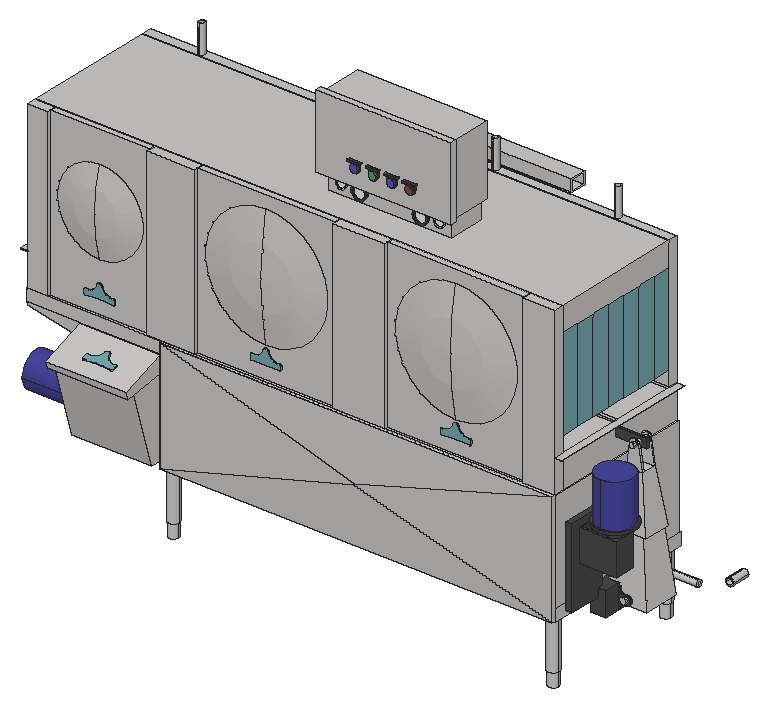
Revit family (continued)
Lines and regions (in)
  symbolic lines, visible <- "Swing Doors"
    curve 54: line (-1.26435, -72.99795, 55.5) -> (-1.26435, -74.12295, 55.5)
    curve 55: arc (-1.26435, -74.12295, 55.5) -> (-1.63935, -74.49795, 55.5) -> (-2.01435, -74.12295, 55.5) r 0.375
    curve 56: line (28.26522, -72.99795, 55.5) -> (28.26522, -74.12295, 55.5)
    curve 57: line (29.01522, -72.99795, 55.5) -> (29.01522, -74.12295, 55.5)
    curve 58: arc (29.01522, -74.12295, 55.5) -> (28.64022, -74.49795, 55.5) -> (28.26522, -74.12295, 55.5) r 0.375
    curve 59: line (39.64022, -72.99795, 55.5) -> (39.64022, -74.12295, 55.5)
    curve 60: line (40.39022, -72.99795, 55.5) -> (40.39022, -74.12295, 55.5)
    curve 61: arc (40.39022, -74.12295, 55.5) -> (40.01522, -74.49795, 55.5) -> (39.64022, -74.12295, 55.5) r 0.375
  symbolic lines, style "QF_Clearances", visible <- "Swing Doors", detail levels coarse
    curve 62: line (-16.45185, -73, 55.5) -> (-16.45185, -89.25, 55.5)
    curve 63: arc (-16.45185, -89.25, 55.5) -> (-4.96137, -84.49049, 55.5) -> (-0.20185, -73, 55.5) r 16.25
    curve 64: line (7.57772, -95.5, 55.5) -> (7.57772, -73, 55.5)
    curve 65: arc (7.57772, -95.5, 55.5) -> (23.48762, -88.9099, 55.5) -> (30.07772, -73, 55.5) r 22.5
    curve 66: line (61.07772, -95.5, 55.5) -> (61.07772, -73, 55.5)
    curve 67: arc (61.07772, -95.5, 55.5) -> (45.16782, -88.9099, 55.5) -> (38.57772, -73, 55.5) r 22.5
  symbolic lines, style "QF_Surface Details"
    curve 68: line (6.66717, -56.0094, 52.4375) -> (35.66717, -56.0094, 52.4375)
    curve 69: line (35.66717, -56.0094, 52.4375) -> (31.16717, -53.51501, 52.4375)
    curve 70: line (35.66717, -56.0094, 52.4375) -> (31.16717, -58.50379, 52.4375)
Dimensions and locks (in)
  "Depth": plane 6 "FRONT" to plane 3 "BACK"
  locked: plane 7 "Right of Top" to plane 5 "RIGHT" at 0.25
  locked: plane 7 "Right of Top" to plane 8 "Right of Ledge" at 1.5
  locked: plane 11 "Bottom of Machine" to level at 10
  "Table Height": plane 12 "Table Height" to level
  "Machine Height": plane 13 "Top of Machine" to level
  "Total Height": plane 4 "TOP" to level
  locked: plane 15 to plane 11 "Bottom of Machine" at 2
  locked: plane 12 "Table Height" to plane 14 "Panel Top" at 5.5
  locked: plane 6 "FRONT" to plane 16 at 0.5
  locked: plane 3 "BACK" to plane 17 at 0.5
  locked: plane 18 to plane 2 "Left of Main Body" at 0.25
  locked: plane 5 "RIGHT" to plane 19 at 0.25
  locked: plane 3 "BACK" to plane 20 at 1.625
  locked: plane 6 "FRONT" to plane 21 at 1.625
  equal spacing: plane 2 "Left of Main Body", plane 22 "Door Center", plane 5 "RIGHT"
  "24 Door Opening": plane 23 to plane 24
  locked: plane 13 "Top of Machine" to plane 25 "Top of Opening" at 4
  locked: plane 22 "Door Center" to Blend 10 sketch curve at 0.03125  (x2)
  locked: Extrusion 13 sketch curve to plane 21 at 1.125
  locked: plane 26 to level at 2.25
  plane 18 to Extrusion 14 sketch curve = 0' - 1 1/4"
  plane 17 to Extrusion 14 sketch curve = 0' - 1 1/2"
  locked: plane 17 to Extrusion 15 sketch curve at 1.5
  locked: plane 18 to Extrusion 15 sketch curve at 1.25
  locked: plane 17 to Extrusion 16 sketch curve at 1.5
  locked: Extrusion 16 sketch curve to plane 19 at 1.25
  locked: Extrusion 17 sketch curve to plane 19 at 1.25
  locked: plane 17 to Extrusion 17 sketch curve at 1.5
  locked: Extrusion 20 sketch curve to plane 19 at 1.25
  locked: Extrusion 20 sketch curve to plane 16 at 1.5
  locked: Extrusion 21 sketch curve to plane 19 at 1.25
  locked: Extrusion 21 sketch curve to plane 16 at 1.5
  locked: Extrusion 18 sketch curve to plane 16 at 1.5
  locked: plane 18 to Extrusion 18 sketch curve at 1.25
  locked: Extrusion 19 sketch curve to plane 16 at 1.5
  locked: plane 18 to Extrusion 19 sketch curve at 1.25
  locked: plane 27 to plane 22 "Door Center" at 10
  locked: plane 27 to plane 28 at 20
  locked: plane 29 to plane 22 "Door Center" at 11
  locked: plane 29 to plane 30 at 22
  plane 31 "Front of Lower Panel" to plane 6 "FRONT" = 0' - 6 1/2"
  locked: plane 32 to plane 31 "Front of Lower Panel" at 6
  locked: plane 33 to plane 6 "FRONT" at 6
  locked: plane 34 "Back of Panel" to plane 33 at 7
  locked: plane 33 to plane 35 "Front of Upper Panel" at 1
  locked: plane 29 to plane 36 at 0.5
  locked: plane 37 to plane 30 at 0.5
  locked: Extrusion 27 sketch curve to plane 27 at 5
  locked: Extrusion 27 sketch curve to plane 13 "Top of Machine" at 1.5
  locked: Extrusion 28 sketch curve to plane 27 at 2
  locked: Extrusion 28 sketch curve to plane 13 "Top of Machine" at 1.75
  locked: Extrusion 31 sketch curve to plane 28 at 5
  locked: Extrusion 31 sketch curve to plane 13 "Top of Machine" at 1.5
  locked: Extrusion 32 sketch curve to plane 28 at 2
  locked: Extrusion 32 sketch curve to plane 13 "Top of Machine" at 1.75
  locked: Extrusion 41 sketch curve to plane 14 "Panel Top" at 4.12493
  locked: plane 38 to plane 9 "Right End Cowl" at 0.125
  locked: plane 10 to plane 39 at 3.875
  locked: plane 40 to plane 41 at 24.875
  locked: plane 41 to plane 6 "FRONT" at 0.0625
  plane 42 "Top of Vents" to plane 13 "Top of Machine" = 0' - 4"
  locked: Extrusion 46 sketch curve to plane 5 "RIGHT" at 1.375
  locked: plane 5 "RIGHT" to Extrusion 47 sketch curve at 1.375
  locked: plane 5 "RIGHT" to Extrusion 47 sketch curve at 7.625
  locked: plane 5 "RIGHT" to Extrusion 47 sketch curve at 6
  locked: plane 5 "RIGHT" to Extrusion 48 sketch curve at 6
  locked: plane 5 "RIGHT" to Extrusion 51 sketch curve at 6
  locked: plane 5 "RIGHT" to Extrusion 52 sketch curve at 6
  locked: plane 5 "RIGHT" to Blend 50 sketch curve at 6
  locked: Extrusion 63 sketch curve to plane 3 "BACK" at 0.75
  locked: plane 43 to plane 22 "Door Center" at 14.5
  locked: plane 43 to plane 44 at 29
  locked: plane 46 to plane 13 "Top of Machine" at 2
  locked: plane 45 to plane 3 "BACK" at 3
  Extrusion 66 sketch curve to plane 13 "Top of Machine" = 1' - 1"
  locked: plane 30 to Extrusion 66 sketch curve at 1
  Extrusion 67 sketch curve to plane 3 "BACK" = 0' - 3"
  locked: plane 47 to plane 3 "BACK" at 5
  locked: plane 48 to plane 13 "Top of Machine" at 29
  "24 Door Opening": plane 49 to plane 50
  locked: Extrusion 63 sketch curve to plane 5 "RIGHT" at 9
  locked: Extrusion 77 sketch curve to plane 3 "BACK" at 0.75
  locked: plane 51 to plane 53 at 0.125
  locked: plane 54 to plane 52 at 3.875
  "Width": plane 55 "LEFT" to plane 5 "RIGHT"
  locked: plane 57 to plane 56 at 1.5
  "18 Door Opening": plane 60 to plane 59
  Extrusion 77 sketch curve to plane 5 "RIGHT" = 2' - 5"
  locked: plane 55 "LEFT" to Extrusion 100 sketch curve at 9
  Extrusion 67 sketch curve to plane 5 "RIGHT" = 1' - 4 1/2"
  Extrusion 95 sketch curve to plane 5 "RIGHT" = 6' - 4"
  locked: plane 3 "BACK" to plane 61 "Drain" at 3
  locked: plane 63 to plane 62 at 5
  locked: plane 5 "RIGHT" to plane 63 at 6
  locked: plane 64 to level at 8
  locked: plane 55 "LEFT" to plane 60 at 3.22043
  locked: plane 2 "Left of Main Body" to plane 23 at 5.25
  plane 50 to plane 5 "RIGHT" = 0' - 5 1/4"
  locked: plane 60 to plane 66 at 0.25
  locked: plane 68 to plane 59 at 0.125
  locked: plane 70 to plane 59 at 1.4375
  locked: plane 23 to plane 65 at 0.25
  locked: plane 67 to plane 24 at 0.125
  locked: plane 69 to plane 24 at 1.4375
  locked: plane 49 to plane 72 at 0.125
  locked: plane 49 to plane 73 at 1.4375
  locked: plane 71 to plane 50 at 0.25
  locked: plane 53 to plane 54 at 2.9375
  locked: plane 51 to plane 55 "LEFT" at 10
  locked: plane 39 to plane 38 at 2.9375
  locked: plane 5 "RIGHT" to plane 9 "Right End Cowl" at 10
  aligned and locked: level to plane 1
  aligned and locked: Extrusion 1 sketch curve to plane 17
  aligned and locked: Extrusion 1 sketch curve to plane 18
  aligned and locked: plane 19 to Extrusion 1 sketch curve
  aligned and locked: Extrusion 1 to plane 11 "Bottom of Machine"
  aligned and locked: plane 15 to Extrusion 1
  aligned and locked: plane 2 "Left of Main Body" to Extrusion 2 sketch curve
  aligned and locked: plane 6 "FRONT" to Extrusion 2 sketch curve
  aligned and locked: plane 3 "BACK" to Extrusion 2 sketch curve
  aligned and locked: plane 14 "Panel Top" to Extrusion 2
  aligned and locked: Extrusion 2 to plane 15
  aligned: plane 2 "Left of Main Body" to Extrusion 3 sketch curve
  aligned and locked: Extrusion 3 sketch curve to plane 6 "FRONT"
  aligned and locked: Extrusion 3 sketch curve to plane 3 "BACK"
  aligned and locked: plane 5 "RIGHT" to Extrusion 4 sketch curve
  aligned and locked: plane 6 "FRONT" to Extrusion 4 sketch curve
  aligned and locked: plane 8 "Right of Ledge" to Extrusion 4 sketch curve
  aligned and locked: plane 3 "BACK" to Extrusion 4 sketch curve
  aligned and locked: plane 3 "BACK" to Extrusion 5 sketch curve
  aligned and locked: Extrusion 5 sketch curve to plane 21
  aligned and locked: Extrusion 5 to plane 14 "Panel Top"
  aligned and locked: plane 3 "BACK" to Extrusion 6 sketch curve
  aligned and locked: plane 20 to Extrusion 6 sketch curve
  aligned and locked: Extrusion 7 sketch curve to plane 5 "RIGHT"
  aligned and locked: Extrusion 7 sketch curve to plane 21
  aligned and locked: Extrusion 7 sketch curve to plane 20
  aligned and locked: plane 3 "BACK" to Extrusion 8 sketch curve
  aligned and locked: plane 20 to Extrusion 8 sketch curve
  aligned and locked: Extrusion 8 sketch curve to plane 5 "RIGHT"
  aligned and locked: Extrusion 8 to plane 12 "Table Height"
  aligned and locked: Extrusion 7 to plane 25 "Top of Opening"
  aligned and locked: Extrusion 9 sketch curve to plane 23
  aligned and locked: plane 14 "Panel Top" to Extrusion 9 sketch curve
  aligned and locked: Extrusion 9 to plane 21
  aligned and locked: Extrusion 9 sketch curve to plane 13 "Top of Machine"
  aligned and locked: plane 2 "Left of Main Body" to Blend 10 sketch curve
  aligned and locked: plane 11 "Bottom of Machine" to Blend 10 sketch curve
  aligned and locked: Blend 10 sketch curve to plane 14 "Panel Top"
  aligned and locked: Blend 10 sketch curve to plane 5 "RIGHT"
  aligned and locked: plane 6 "FRONT" to Extrusion 1 sketch curve
  aligned and locked: plane 2 "Left of Main Body" to Extrusion 11 sketch curve
  aligned and locked: Extrusion 11 sketch curve to plane 6 "FRONT"
  aligned and locked: plane 16 to Extrusion 11 sketch curve
  aligned and locked: Extrusion 11 sketch curve to plane 5 "RIGHT"
  aligned and locked: Extrusion 11 to plane 11 "Bottom of Machine"
  aligned and locked: plane 14 "Panel Top" to Extrusion 11
  aligned and locked: Extrusion 12 sketch curve to plane 13 "Top of Machine"
  aligned and locked: Extrusion 12 sketch curve to plane 5 "RIGHT"
  aligned and locked: plane 14 "Panel Top" to Extrusion 12 sketch curve
  aligned and locked: Extrusion 12 to plane 21
  aligned and locked: Extrusion 13 sketch curve to plane 24
  aligned and locked: plane 21 to Extrusion 13 sketch curve
  aligned and locked: plane 23 to Extrusion 13 sketch curve
  aligned and locked: Extrusion 13 to plane 14 "Panel Top"
  aligned and locked: plane 26 to Extrusion 14
  aligned and locked: Extrusion 15 to plane 26
  aligned and locked: plane 11 "Bottom of Machine" to Extrusion 15
  aligned and locked: plane 21 to Extrusion 22 sketch curve
  aligned and locked: plane 5 "RIGHT" to Extrusion 22 sketch curve  (x7)
  aligned and locked: plane 20 to Extrusion 22 sketch curve
  aligned: plane 2 "Left of Main Body" to Extrusion 23 sketch curve  (x7)
  aligned and locked: Extrusion 23 sketch curve to plane 20
  aligned and locked: Extrusion 23 sketch curve to plane 21
  aligned and locked: Extrusion 24 sketch curve to plane 32
  aligned and locked: plane 31 "Front of Lower Panel" to Extrusion 24 sketch curve
  aligned and locked: plane 27 to Extrusion 24 sketch curve
  aligned and locked: plane 28 to Extrusion 24 sketch curve
  aligned and locked: Extrusion 25 sketch curve to plane 34 "Back of Panel"
  aligned and locked: plane 33 to Extrusion 25 sketch curve
  aligned and locked: plane 36 to Extrusion 25 sketch curve
  aligned and locked: Extrusion 25 sketch curve to plane 37
  aligned and locked: Extrusion 26 sketch curve to plane 33
  aligned and locked: plane 35 "Front of Upper Panel" to Extrusion 26 sketch curve
  aligned and locked: plane 29 to Extrusion 26 sketch curve
  aligned and locked: Extrusion 26 sketch curve to plane 30
  aligned and locked: Extrusion 29 sketch curve to Extrusion 28  (x2)
  aligned and locked: Extrusion 30 sketch curve to Extrusion 27  (x2)
  aligned and locked: Extrusion 33 sketch curve to Extrusion 32  (x2)
  aligned and locked: Extrusion 34 sketch curve to Extrusion 31  (x2)
  aligned and locked: Extrusion 42 sketch curve to plane 13 "Top of Machine"
  aligned and locked: Extrusion 42 sketch curve to plane 6 "FRONT"
  aligned and locked: plane 21 to Extrusion 42 sketch curve
  aligned and locked: plane 20 to Extrusion 42 sketch curve
  aligned and locked: plane 3 "BACK" to Extrusion 42 sketch curve
  aligned and locked: plane 6 "FRONT" to Extrusion 43 sketch curve
  aligned and locked: Extrusion 43 sketch curve to plane 13 "Top of Machine"
  aligned and locked: plane 3 "BACK" to Extrusion 43 sketch curve
  aligned and locked: plane 20 to Extrusion 43 sketch curve
  aligned and locked: plane 25 "Top of Opening" to Extrusion 43 sketch curve
  aligned and locked: plane 21 to Extrusion 43 sketch curve
  aligned and locked: Extrusion 43 to plane 38
  aligned and locked: plane 38 to Extrusion 42
  aligned and locked: Extrusion 44 sketch curve to plane 10
  aligned and locked: plane 39 to Extrusion 44 sketch curve
  aligned and locked: plane 40 to Extrusion 44 sketch curve
  aligned and locked: Extrusion 44 sketch curve to plane 41
  aligned and locked: Extrusion 45 sketch curve to Extrusion 44  (x4)
  aligned and locked: Extrusion 49 sketch curve to Extrusion 47
  aligned and locked: Blend 50 sketch curve to Extrusion 49  (x2)
  aligned and locked: Extrusion 59 sketch curve to Extrusion 57  (x2)
  aligned and locked: Extrusion 46 to plane 5 "RIGHT"
  aligned and locked: Extrusion 53 to plane 5 "RIGHT"
  aligned: nested 1 to cut or joined group of Extrusion 42, Extrusion 45
  aligned and locked: plane 10 to nested 1
  aligned and locked: plane 39 to nested 1
  aligned and locked: plane 41 to nested 1
  aligned and locked: nested 1 to plane 40
  aligned and locked: Extrusion 64 to plane 43
  aligned and locked: Extrusion 64 to plane 44
  aligned and locked: Extrusion 65 to plane 44
  aligned and locked: Extrusion 65 to plane 43
  aligned and locked: plane 3 "BACK" to curve 1
  aligned and locked: curve 4 to plane 5 "RIGHT"
  aligned and locked: plane 6 "FRONT" to curve 3
  aligned and locked: curve 6 to plane 9 "Right End Cowl"
  aligned and locked: plane 43 to curve 8
  aligned and locked: plane 44 to curve 10
  aligned and locked: curve 9 to plane 45
  aligned and locked: plane 8 "Right of Ledge" to curve 12
  aligned and locked: curve 13 to plane 34 "Back of Panel"
  aligned and locked: plane 33 to curve 15
  aligned and locked: plane 36 to curve 14
  aligned and locked: curve 16 to plane 37
  aligned and locked: plane 29 to curve 20
  aligned and locked: plane 35 "Front of Upper Panel" to curve 19
  aligned and locked: curve 18 to plane 30
  aligned and locked: plane 41 to curve 24
  aligned and locked: curve 25 to plane 39
  aligned and locked: plane 10 to curve 23
  aligned and locked: curve 22 to plane 40
  aligned and locked: Extrusion 68 sketch curve to plane 17  (x2)
  aligned and locked: plane 47 to Extrusion 68 sketch curve
  aligned and locked: plane 44 to Extrusion 68 sketch curve
  aligned and locked: Extrusion 68 sketch curve to plane 45
  aligned and locked: plane 43 to Extrusion 68 sketch curve
  aligned: plane 42 "Top of Vents" to Extrusion 68
  aligned: plane 4 "TOP" to Extrusion 68
  aligned and locked: plane 13 "Top of Machine" to Extrusion 69 sketch curve
  aligned and locked: Extrusion 69 sketch curve to plane 24
  aligned and locked: plane 23 to Extrusion 69 sketch curve
  aligned and locked: Extrusion 69 sketch curve to plane 48
  aligned and locked: Extrusion 69 to plane 21
  aligned and locked: Extrusion 68 sketch curve to plane 8 "Right of Ledge"
  aligned and locked: Extrusion 70 sketch curve to plane 47
  aligned and locked: Extrusion 70 sketch curve to plane 8 "Right of Ledge"
  aligned and locked: plane 17 to Extrusion 70 sketch curve
  aligned and locked: Extrusion 70 sketch curve to plane 9 "Right End Cowl"
  aligned and locked: plane 4 "TOP" to Extrusion 70
  aligned and locked: curve 28 to plane 9 "Right End Cowl"
  aligned and locked: curve 27 to plane 47
  aligned and locked: Extrusion 72 sketch curve to plane 50
  aligned and locked: plane 49 to Extrusion 72 sketch curve
  aligned and locked: Extrusion 74 sketch curve to plane 50
  aligned and locked: plane 49 to Extrusion 74 sketch curve
  aligned and locked: plane 50 to Extrusion 12 sketch curve
  aligned and locked: plane 24 to Extrusion 76 sketch curve
  aligned and locked: Extrusion 76 sketch curve to plane 49
  aligned and locked: Extrusion 76 sketch curve to plane 13 "Top of Machine"
  aligned and locked: plane 14 "Panel Top" to Extrusion 76 sketch curve
  aligned and locked: Extrusion 76 to plane 21
  aligned and locked: Extrusion 76 to plane 6 "FRONT"
  aligned and locked: Extrusion 78 sketch curve to Extrusion 67  (x2)
  aligned and locked: Extrusion 79 to plane 53
  aligned and locked: plane 53 to Extrusion 80
  aligned and locked: plane 54 to Extrusion 81 sketch curve
  aligned and locked: Extrusion 81 sketch curve to plane 52
  aligned and locked: curve 30 to plane 51
  aligned and locked: curve 35 to plane 52
  aligned and locked: plane 54 to curve 33
  aligned and locked: plane 51 to Extrusion 82 sketch curve
  aligned and locked: plane 51 to curve 36
  aligned and locked: Extrusion 96 sketch curve to Extrusion 95  (x2)
  aligned and locked: plane 59 to Extrusion 9 sketch curve
  aligned and locked: Extrusion 97 sketch curve to plane 60
  aligned and locked: plane 55 "LEFT" to Extrusion 97 sketch curve
  aligned and locked: plane 55 "LEFT" to Extrusion 5 sketch curve
  aligned and locked: Extrusion 5 sketch curve to plane 5 "RIGHT"
  aligned and locked: Extrusion 6 sketch curve to plane 5 "RIGHT"  (x2)
  aligned and locked: plane 55 "LEFT" to Extrusion 6 sketch curve  (x2)
  aligned and locked: Extrusion 98 sketch curve to plane 58
  aligned: plane 18 to Extrusion 98 sketch curve
  aligned and locked: plane 19 to Extrusion 2 sketch curve
  aligned and locked: plane 55 "LEFT" to Extrusion 8 sketch curve
  aligned and locked: plane 55 "LEFT" to Extrusion 7 sketch curve
  aligned and locked: plane 21 to Extrusion 112 sketch curve
  aligned and locked: plane 6 "FRONT" to Extrusion 112 sketch curve
  aligned and locked: plane 66 to Extrusion 112 sketch curve
  aligned and locked: Extrusion 112 sketch curve to plane 68
  aligned and locked: plane 21 to Extrusion 113 sketch curve
  aligned and locked: plane 6 "FRONT" to Extrusion 113 sketch curve
  aligned and locked: plane 65 to Extrusion 113 sketch curve
  aligned and locked: Extrusion 113 sketch curve to plane 67
  aligned and locked: plane 21 to Extrusion 114 sketch curve
  aligned and locked: plane 6 "FRONT" to Extrusion 114 sketch curve
  aligned and locked: Extrusion 114 sketch curve to plane 71
  aligned and locked: plane 72 to Extrusion 114 sketch curve
  aligned and locked: Extrusion 112 to plane 14 "Panel Top"
  aligned and locked: Extrusion 113 to plane 14 "Panel Top"
  aligned and locked: Extrusion 114 to plane 14 "Panel Top"
  aligned and locked: curve 62 to plane 60
  aligned and locked: plane 23 to curve 64
  aligned and locked: plane 50 to curve 66
  aligned and locked: cut or joined group of Extrusion 42, Extrusion 45 to plane 5 "RIGHT"
Automatic sketch dimensions
  Extrusion 35 sketch curve to Extrusion 35 sketch curve = 0' - 1"  (x3)
  Extrusion 35 sketch curve to Extrusion 35 sketch curve = 0' - 2"  (x4)
  Extrusion 35 sketch curve to Extrusion 35 sketch curve = 0' - 0 1/4"  (x5)
  Extrusion 35 sketch curve to Extrusion 35 sketch curve = 0' - 0"  (x2)
  Extrusion 40 sketch curve to Extrusion 40 sketch curve = 0' - 1 1/2"  (x3)
  Extrusion 40 sketch curve to Extrusion 40 sketch curve = 0' - 0 3/4"  (x4)
  Extrusion 40 sketch curve to Extrusion 40 sketch curve = 0' - 0"  (x3)
  Extrusion 40 sketch curve to Extrusion 40 sketch curve = 0' - 0 7/8"  (x4)
  Extrusion 89 sketch curve to Extrusion 89 sketch curve = 0' - 0.24812"
  Extrusion 89 sketch curve to Extrusion 89 sketch curve = 0' - 1.04649"
  Extrusion 90 sketch curve to Extrusion 90 sketch curve = 0' - 0.25142"
  Extrusion 90 sketch curve to Extrusion 90 sketch curve = 0' - 0.25483"  (x2)
  Extrusion 90 sketch curve to Extrusion 90 sketch curve = 0' - 0.30345"
  Extrusion 90 sketch curve to Extrusion 90 sketch curve = 0' - 1.63184"  (x2)
  Extrusion 90 sketch curve to Extrusion 90 sketch curve = 0' - 1.52338"
  Extrusion 90 sketch curve to Extrusion 90 sketch curve = 0' - 0.41934"
  Extrusion 90 sketch curve to Extrusion 90 sketch curve = 0' - 0.42496"
  Extrusion 90 sketch curve to Extrusion 90 sketch curve = 0' - 0"
  Extrusion 90 sketch curve to Extrusion 90 sketch curve = 0' - 1.22253"
  Extrusion 90 sketch curve to Extrusion 90 sketch curve = 0' - 1.51845"
  Extrusion 90 sketch curve to Extrusion 90 sketch curve = 0' - 0.00341"
  Extrusion 90 sketch curve to Extrusion 90 sketch curve = 0' - 0.08323"  (x2)
  Extrusion 90 sketch curve to Extrusion 90 sketch curve = 0' - 0.48493"  (x2)
  Extrusion 90 sketch curve to Extrusion 90 sketch curve = 0' - 1.96861"
  Extrusion 90 sketch curve to Extrusion 90 sketch curve = 0' - 11.90119"
  Extrusion 88 sketch curve to Extrusion 88 sketch curve = 0' - 3.69119"
  Extrusion 88 sketch curve to Extrusion 88 sketch curve = 0' - 5.50369"
  Extrusion 88 sketch curve to Extrusion 88 sketch curve = 1' - 0.07335"
  Extrusion 88 sketch curve to Extrusion 88 sketch curve = 0' - 0.73915"
  Extrusion 89 sketch curve to Extrusion 89 sketch curve = 0' - 6.75188"
  Extrusion 89 sketch curve to Extrusion 89 sketch curve = 0' - 0.90679"
  Extrusion 89 sketch curve to Extrusion 89 sketch curve = 0' - 2 11/16"
  Extrusion 90 sketch curve to Extrusion 90 sketch curve = 0' - 0.61126"
  Extrusion 104 sketch curve to Extrusion 104 sketch curve = 0' - 0.24812"
  Extrusion 104 sketch curve to Extrusion 104 sketch curve = 0' - 1.04649"
  Extrusion 105 sketch curve to Extrusion 105 sketch curve = 0' - 0.25142"
  Extrusion 105 sketch curve to Extrusion 105 sketch curve = 0' - 0.25483"  (x2)
  Extrusion 105 sketch curve to Extrusion 105 sketch curve = 0' - 0.30345"
  Extrusion 105 sketch curve to Extrusion 105 sketch curve = 0' - 1.63184"  (x2)
  Extrusion 105 sketch curve to Extrusion 105 sketch curve = 0' - 1.52338"
  Extrusion 105 sketch curve to Extrusion 105 sketch curve = 0' - 0.41934"
  Extrusion 105 sketch curve to Extrusion 105 sketch curve = 0' - 0.42496"
  Extrusion 105 sketch curve to Extrusion 105 sketch curve = 0' - 0"
  Extrusion 105 sketch curve to Extrusion 105 sketch curve = 0' - 1.22253"
  Extrusion 105 sketch curve to Extrusion 105 sketch curve = 0' - 1.51845"
  Extrusion 105 sketch curve to Extrusion 105 sketch curve = 0' - 0.00341"
  Extrusion 105 sketch curve to Extrusion 105 sketch curve = 0' - 0.08323"  (x2)
  Extrusion 105 sketch curve to Extrusion 105 sketch curve = 0' - 0.48493"  (x2)
  Extrusion 105 sketch curve to Extrusion 105 sketch curve = 0' - 1.96861"
  Extrusion 105 sketch curve to Extrusion 105 sketch curve = 0' - 11.90119"
  Extrusion 103 sketch curve to Extrusion 103 sketch curve = 0' - 3.69119"
  Extrusion 103 sketch curve to Extrusion 103 sketch curve = 0' - 5.50369"
  Extrusion 103 sketch curve to Extrusion 103 sketch curve = 1' - 0.07335"
  Extrusion 103 sketch curve to Extrusion 103 sketch curve = 0' - 0.73915"
  Extrusion 104 sketch curve to Extrusion 104 sketch curve = 0' - 6.75188"
  Extrusion 104 sketch curve to Extrusion 104 sketch curve = 0' - 0.90679"
  Extrusion 104 sketch curve to Extrusion 104 sketch curve = 0' - 2 11/16"
  Extrusion 105 sketch curve to Extrusion 105 sketch curve = 0' - 0.61126"
  Extrusion 106 sketch curve to Extrusion 106 sketch curve = 0' - 1"  (x3)
  Extrusion 106 sketch curve to Extrusion 106 sketch curve = 0' - 2"  (x4)
  Extrusion 106 sketch curve to Extrusion 106 sketch curve = 0' - 0 1/4"  (x5)
  Extrusion 106 sketch curve to Extrusion 106 sketch curve = 0' - 0"  (x2)
  Extrusion 111 sketch curve to Extrusion 111 sketch curve = 0' - 1 1/2"  (x3)
  Extrusion 111 sketch curve to Extrusion 111 sketch curve = 0' - 0 3/4"  (x4)
  Extrusion 111 sketch curve to Extrusion 111 sketch curve = 0' - 0"  (x3)
  Extrusion 111 sketch curve to Extrusion 111 sketch curve = 0' - 0 7/8"  (x4)
  curve 37 to plane 57 = 0' - 0"
  curve 41 to plane 60 = 0' - 0"
  curve 42 to plane 6 "FRONT" = 0' - 0"
  plane 21 to curve 39 = 0' - 0"
  curve 39 to plane 59 = 0' - 0"
  curve 44 to plane 6 "FRONT" = 0' - 0"
  curve 44 to plane 18 = 0' - 0"
  plane 21 to curve 47 = 0' - 0"
  curve 47 to plane 23 = 0' - 0"
  curve 48 to plane 24 = 0' - 0"
  plane 21 to curve 50 = 0' - 0"
  curve 50 to plane 49 = 0' - 0"
  curve 51 to plane 50 = 0' - 0"
  curve 26 to plane 8 "Right of Ledge" = 0' - 0"
  curve 49 to plane 6 "FRONT" = 0' - 0"
  curve 51 to plane 6 "FRONT" = 0' - 0"
  curve 46 to plane 6 "FRONT" = 0' - 0"
  curve 48 to plane 6 "FRONT" = 0' - 0"
  curve 38 to plane 6 "FRONT" = 0' - 0"
  curve 40 to plane 6 "FRONT" = 0' - 0"
  curve 36 to plane 17 = 0' - 0"
  curve 28 to plane 17 = 0' - 0"
  plane 66 to curve 43 = 0' - 5.09207"
  curve 44 to plane 16 = 0' - 6 1/2"
  plane 41 to curve 45 = 0' - 0 7/16"
  plane 41 to curve 52 = 0' - 0 7/16"
  plane 41 to curve 41 = 0' - 0 7/16"
  Extrusion 3 sketch curve to plane 55 "LEFT" = 0' - 0"
  Extrusion 3 sketch curve to plane 57 = 0' - 0"
  plane 32 to Extrusion 6 sketch curve = 0' - 0 1/4"
  Extrusion 6 sketch curve to plane 32 = 0' - 0 1/4"
  plane 15 to Blend 10 sketch curve = 0' - 7 7/32"
  Blend 10 sketch curve to Blend 10 sketch curve = 0' - 0 1/16"
  Extrusion 22 sketch curve to plane 35 "Front of Upper Panel" = 0' - 0 3/8"
  Extrusion 22 sketch curve to Extrusion 22 sketch curve = 0' - 0 1/8"  (x6)
  plane 31 "Front of Lower Panel" to Extrusion 22 sketch curve = 0' - 1 1/4"
  Extrusion 22 sketch curve to plane 32 = 0' - 1 5/8"
  Extrusion 22 sketch curve to plane 5 "RIGHT" = 0' - 0 1/8"  (x7)
  plane 34 "Back of Panel" to Extrusion 22 sketch curve = 0' - 1"
  Extrusion 22 sketch curve to Extrusion 22 sketch curve = 0' - 3"
  Extrusion 22 sketch curve to plane 61 "Drain" = 0' - 1 3/4"
  Extrusion 23 sketch curve to plane 55 "LEFT" = 0' - 0"  (x7)
  plane 35 "Front of Upper Panel" to Extrusion 23 sketch curve = 0' - 0 3/8"
  Extrusion 23 sketch curve to Extrusion 23 sketch curve = 0' - 0 1/8"  (x6)
  Extrusion 23 sketch curve to plane 31 "Front of Lower Panel" = 0' - 1 1/4"
  plane 32 to Extrusion 23 sketch curve = 0' - 1 5/8"
  Extrusion 23 sketch curve to plane 55 "LEFT" = 0' - 0 1/8"  (x7)
  Extrusion 23 sketch curve to plane 34 "Back of Panel" = 0' - 1"
  Extrusion 23 sketch curve to Extrusion 23 sketch curve = 0' - 3"
  plane 61 "Drain" to Extrusion 23 sketch curve = 0' - 1 3/4"
  Extrusion 27 sketch curve to Extrusion 27 sketch curve = 0' - 0"  (x2)
  Extrusion 28 sketch curve to Extrusion 28 sketch curve = 0' - 0"  (x2)
  Extrusion 31 sketch curve to Extrusion 31 sketch curve = 0' - 0"  (x2)
  Extrusion 32 sketch curve to Extrusion 32 sketch curve = 0' - 0"  (x2)
  plane 43 to Extrusion 41 sketch curve = 0' - 1.49793"
  Extrusion 41 sketch curve to Extrusion 41 sketch curve = 0' - 0.25142"  (x2)
  Extrusion 41 sketch curve to Extrusion 41 sketch curve = 0' - 0.25483"
  plane 43 to Extrusion 41 sketch curve = 0' - 0.94306"
  Extrusion 41 sketch curve to plane 43 = 0' - 0.38874"
  Extrusion 41 sketch curve to plane 43 = 0' - 0.58031"
  Extrusion 41 sketch curve to Extrusion 41 sketch curve = 0' - 0.41934"
  Extrusion 41 sketch curve to plane 43 = 0' - 1"
  Extrusion 41 sketch curve to Extrusion 41 sketch curve = 0' - 0.42496"
  Extrusion 41 sketch curve to Extrusion 41 sketch curve = 0' - 0"
  Extrusion 41 sketch curve to Extrusion 41 sketch curve = 0' - 1.22253"
  Extrusion 41 sketch curve to Extrusion 41 sketch curve = 0' - 1.51845"
  Extrusion 41 sketch curve to Extrusion 41 sketch curve = 0' - 1.63184"
  Extrusion 41 sketch curve to Extrusion 41 sketch curve = 0' - 0.00341"
  Extrusion 41 sketch curve to plane 12 "Table Height" = 0' - 2.43574"  (x2)
  Extrusion 41 sketch curve to Extrusion 41 sketch curve = 0' - 0.48493"  (x2)
  Extrusion 41 sketch curve to Extrusion 41 sketch curve = 0' - 0.08323"
  plane 15 to Extrusion 41 sketch curve = 0' - 6.6719"
  Extrusion 42 sketch curve to plane 40 = 0' - 0 1/16"
  plane 41 to Extrusion 42 sketch curve = 0' - 0 1/16"
  Extrusion 42 sketch curve to plane 13 "Top of Machine" = 0' - 0 1/8"
  Extrusion 42 sketch curve to plane 25 "Top of Opening" = 0' - 0.88572"
  Extrusion 42 sketch curve to Extrusion 42 sketch curve = 0' - 0.05178"  (x2)
  Extrusion 42 sketch curve to Extrusion 42 sketch curve = 0' - 1 1/2"  (x2)
  Extrusion 42 sketch curve to Extrusion 42 sketch curve = 0' - 0.17678"  (x2)
  plane 12 "Table Height" to Extrusion 42 sketch curve = 0' - 5.17678"
  Extrusion 43 sketch curve to plane 25 "Top of Opening" = 0' - 0 15/16"
  Extrusion 43 sketch curve to Extrusion 43 sketch curve = 0' - 1 5/8"  (x2)
  plane 12 "Table Height" to Extrusion 43 sketch curve = 0' - 5 1/8"
  Extrusion 44 sketch curve to plane 41 = 0' - 0 1/8"
  plane 40 to Extrusion 44 sketch curve = 0' - 0 1/8"
  Extrusion 44 sketch curve to plane 10 = 0' - 0 1/8"
  plane 39 to Extrusion 44 sketch curve = 0' - 0 1/8"
  plane 19 to Extrusion 46 sketch curve = 0' - 0"
  Extrusion 46 sketch curve to plane 5 "RIGHT" = 0' - 0"
  Extrusion 46 sketch curve to plane 15 = 0' - 0"
  plane 11 "Bottom of Machine" to Extrusion 46 sketch curve = 0' - 0 15/16"
  Extrusion 46 sketch curve to plane 14 "Panel Top" = 0' - 4 9/16"
  Extrusion 47 sketch curve to plane 63 = 0' - 0"
  Extrusion 47 sketch curve to plane 21 = 0' - 1 5/8"
  Extrusion 47 sketch curve to plane 35 "Front of Upper Panel" = 0' - 1 1/2"
  Extrusion 47 sketch curve to plane 35 "Front of Upper Panel" = 0' - 0 3/16"
  Extrusion 47 sketch curve to plane 31 "Front of Lower Panel" = 0' - 0 1/8"
  Extrusion 47 sketch curve to Extrusion 47 sketch curve = 0' - 0 1/4"
  Extrusion 48 sketch curve to plane 35 "Front of Upper Panel" = 0' - 0 3/16"
  Blend 50 sketch curve to plane 35 "Front of Upper Panel" = 0' - 0 3/16"
  Extrusion 51 sketch curve to plane 35 "Front of Upper Panel" = 0' - 0 3/16"
  Extrusion 52 sketch curve to plane 35 "Front of Upper Panel" = 0' - 0 3/16"
  Extrusion 53 sketch curve to plane 5 "RIGHT" = 0' - 0"
  plane 10 to Extrusion 53 sketch curve = 0' - 1 3/16"
  plane 63 to Extrusion 53 sketch curve = 0' - 0 3/4"
  Extrusion 53 sketch curve to plane 12 "Table Height" = 0' - 2 5/16"
  Extrusion 53 sketch curve to Extrusion 53 sketch curve = 0' - 0 3/4"
  Extrusion 53 sketch curve to plane 12 "Table Height" = 0' - 0 13/16"
  Extrusion 54 sketch curve to plane 15 = 0' - 0"
  plane 19 to Extrusion 54 sketch curve = 0' - 0"
  Extrusion 54 sketch curve to plane 5 "RIGHT" = 0' - 0"
  Extrusion 54 sketch curve to plane 10 = 0' - 0 5/16"
  plane 64 to Extrusion 54 sketch curve = 0' - 0 7/16"
  Extrusion 54 sketch curve to Extrusion 54 sketch curve = 0' - 0 7/16"
  Extrusion 55 sketch curve to Extrusion 55 sketch curve = 0' - 0"  (x2)
  plane 11 "Bottom of Machine" to Extrusion 55 sketch curve = 0' - 0 7/16"
  plane 10 to Extrusion 55 sketch curve = 0' - 1 3/16"
  plane 10 to Extrusion 55 sketch curve = 0' - 0 9/16"  (x2)
  Extrusion 55 sketch curve to plane 11 "Bottom of Machine" = 0' - 0 5/16"
  plane 10 to Extrusion 55 sketch curve = 0' - 0 3/16"  (x2)
  Extrusion 55 sketch curve to plane 10 = 0' - 0 1/16"  (x2)
  Extrusion 55 sketch curve to Extrusion 55 sketch curve = 0' - 0 1/4"
  Extrusion 55 sketch curve to Extrusion 55 sketch curve = 0' - 0 5/16"
  Extrusion 55 sketch curve to plane 15 = 0' - 0 1/8"
  Extrusion 56 sketch curve to Extrusion 56 sketch curve = 0' - 0"  (x2)
  plane 11 "Bottom of Machine" to Extrusion 56 sketch curve = 0' - 0 7/16"
  plane 10 to Extrusion 56 sketch curve = 0' - 1 3/16"
  plane 10 to Extrusion 56 sketch curve = 0' - 0 9/16"  (x2)
  Extrusion 56 sketch curve to plane 11 "Bottom of Machine" = 0' - 0 5/16"
  plane 10 to Extrusion 56 sketch curve = 0' - 0 3/16"  (x2)
  Extrusion 56 sketch curve to plane 10 = 0' - 0 1/16"  (x2)
  Extrusion 56 sketch curve to Extrusion 56 sketch curve = 0' - 0 1/4"
  Extrusion 56 sketch curve to Extrusion 56 sketch curve = 0' - 0 5/16"
  Extrusion 56 sketch curve to plane 15 = 0' - 0 1/8"
  Extrusion 57 sketch curve to Extrusion 57 sketch curve = 0' - 0"  (x6)
  plane 14 "Panel Top" to Extrusion 57 sketch curve = 0' - 0 3/16"
  plane 63 to Extrusion 57 sketch curve = 0' - 0 9/16"
  plane 63 to Extrusion 57 sketch curve = 0' - 1.26188"
  Extrusion 57 sketch curve to Extrusion 57 sketch curve = 0' - 0.36312"  (x2)
  Extrusion 57 sketch curve to Extrusion 57 sketch curve = 0' - 0 3/8"
  Extrusion 57 sketch curve to plane 10 = 0' - 0 1/4"
  Extrusion 57 sketch curve to plane 12 "Table Height" = 0' - 1 9/16"
  Extrusion 57 sketch curve to Extrusion 57 sketch curve = 0' - 0.13295"
  Extrusion 58 sketch curve to Extrusion 58 sketch curve = 0' - 0"  (x6)
  plane 14 "Panel Top" to Extrusion 58 sketch curve = 0' - 0 3/16"
  plane 63 to Extrusion 58 sketch curve = 0' - 0 9/16"
  plane 63 to Extrusion 58 sketch curve = 0' - 1.26188"
  Extrusion 58 sketch curve to Extrusion 58 sketch curve = 0' - 0.36312"  (x2)
  Extrusion 58 sketch curve to Extrusion 58 sketch curve = 0' - 0 3/8"
  Extrusion 58 sketch curve to plane 10 = 0' - 0 1/4"
  Extrusion 58 sketch curve to plane 12 "Table Height" = 0' - 1 9/16"
  Extrusion 58 sketch curve to Extrusion 58 sketch curve = 0' - 0.13295"
  Blend 60 sketch curve to plane 8 "Right of Ledge" = 0' - 0 5/16"
  Blend 60 sketch curve to plane 32 = 0' - 2 1/4"
  plane 34 "Back of Panel" to Blend 60 sketch curve = 0' - 1 3/4"
  Blend 60 sketch curve to plane 39 = 0' - 0 1/4"
  Blend 60 sketch curve to plane 10 = 0' - 0 1/4"
  Blend 60 sketch curve to plane 32 = 0' - 1 1/4"
  plane 34 "Back of Panel" to Blend 60 sketch curve = 0' - 0 3/4"
  plane 63 to Blend 60 sketch curve = 0' - 0 9/16"
  plane 39 to Blend 61 sketch curve = 0' - 0 1/2"
  plane 31 "Front of Lower Panel" to Blend 61 sketch curve = 0' - 3"
  plane 34 "Back of Panel" to Blend 61 sketch curve = 0' - 2 1/2"
  plane 8 "Right of Ledge" to Blend 61 sketch curve = 0' - 0 7/16"
  Blend 61 sketch curve to plane 8 "Right of Ledge" = 0' - 0 9/16"
  Blend 61 sketch curve to plane 32 = 0' - 2"
  plane 34 "Back of Panel" to Blend 61 sketch curve = 0' - 1 1/2"
  Blend 61 sketch curve to plane 63 = 0' - 0 3/16"
  Extrusion 62 sketch curve to Extrusion 62 sketch curve = 0' - 0"  (x2)
  plane 11 "Bottom of Machine" to Extrusion 62 sketch curve = 0' - 0 7/16"
  plane 63 to Extrusion 62 sketch curve = 0' - 1 1/2"
  Extrusion 62 sketch curve to Extrusion 62 sketch curve = 0' - 0 1/2"
  Extrusion 63 sketch curve to Extrusion 63 sketch curve = 0' - 0"  (x2)
  Extrusion 64 sketch curve to plane 46 = 0' - 0"
  Extrusion 64 sketch curve to plane 13 "Top of Machine" = 0' - 0"
  Extrusion 64 sketch curve to plane 45 = 0' - 0"
  Extrusion 64 sketch curve to plane 45 = 0' - 0 1/8"
  Extrusion 64 sketch curve to plane 17 = 0' - 0 1/8"
  Extrusion 64 sketch curve to Extrusion 64 sketch curve = 0' - 0 1/8"
  plane 13 "Top of Machine" to Extrusion 64 sketch curve = 0' - 0 1/8"
  Extrusion 64 sketch curve to plane 46 = 0' - 0 1/8"
  Extrusion 65 sketch curve to plane 3 "BACK" = 0' - 0"
  Extrusion 65 sketch curve to plane 13 "Top of Machine" = 0' - 0"
  Extrusion 65 sketch curve to plane 3 "BACK" = 0' - 0 1/4"
  Extrusion 65 sketch curve to Extrusion 65 sketch curve = 0' - 0 1/8"
  Extrusion 67 sketch curve to Extrusion 67 sketch curve = 0' - 0"  (x2)
  Extrusion 68 sketch curve to plane 57 = 0' - 0"
  Revolve 71 sketch curve to plane 16 = 0' - 0"
  Revolve 71 sketch curve to plane 16 = 0' - 10 3/4"
  plane 41 to Revolve 71 sketch curve = 0' - 0 7/16"
  plane 31 "Front of Lower Panel" to Revolve 71 sketch curve = 0' - 2 3/4"
  Revolve 71 sketch curve to plane 25 "Top of Opening" = 0' - 7.74993"
  plane 47 to Revolve 71 sketch curve = 1' - 5.49935"
  Revolve 71 sketch curve to plane 25 "Top of Opening" = 0' - 8"  (x2)
  plane 21 to Extrusion 72 sketch curve = 0' - 0"
  plane 41 to Extrusion 72 sketch curve = 0' - 0 7/16"
  Extrusion 73 sketch curve to plane 44 = 0' - 3.49793"
  Extrusion 73 sketch curve to Extrusion 73 sketch curve = 0' - 0.25142"  (x2)
  Extrusion 73 sketch curve to Extrusion 73 sketch curve = 0' - 0.25483"
  Extrusion 73 sketch curve to Extrusion 73 sketch curve = 0' - 0.30345"
  Extrusion 73 sketch curve to plane 44 = 0' - 1.61126"
  Extrusion 73 sketch curve to plane 44 = 0' - 1.41969"
  Extrusion 73 sketch curve to Extrusion 73 sketch curve = 0' - 0.41934"
  Extrusion 73 sketch curve to plane 44 = 0' - 1"
  Extrusion 73 sketch curve to Extrusion 73 sketch curve = 0' - 0.42496"
  Extrusion 73 sketch curve to Extrusion 73 sketch curve = 0' - 0"
  Extrusion 73 sketch curve to plane 44 = 0' - 0.38874"
  plane 44 to Extrusion 73 sketch curve = 0' - 0.94306"
  plane 44 to Extrusion 73 sketch curve = 0' - 1.2431"
  Extrusion 73 sketch curve to Extrusion 73 sketch curve = 0' - 0.00341"
  plane 15 to Extrusion 73 sketch curve = 0' - 6.6719"
  plane 14 "Panel Top" to Extrusion 73 sketch curve = 0' - 2.07309"  (x2)
  Extrusion 73 sketch curve to Extrusion 73 sketch curve = 0' - 0.08323"
  Extrusion 73 sketch curve to Extrusion 73 sketch curve = 0' - 0.48493"  (x2)
  Extrusion 73 sketch curve to plane 12 "Table Height" = 0' - 1.37507"
  Extrusion 74 sketch curve to plane 13 "Top of Machine" = 0' - 0"
  Extrusion 74 sketch curve to plane 48 = 0' - 0"
  Revolve 75 sketch curve to plane 16 = 0' - 0"
  Revolve 75 sketch curve to plane 16 = 0' - 10 3/4"
  plane 41 to Revolve 75 sketch curve = 0' - 0 7/16"
  plane 31 "Front of Lower Panel" to Revolve 75 sketch curve = 0' - 2 3/4"
  Revolve 75 sketch curve to plane 25 "Top of Opening" = 0' - 7.74993"
  plane 47 to Revolve 75 sketch curve = 1' - 5.49935"
  Revolve 75 sketch curve to plane 25 "Top of Opening" = 0' - 8"  (x2)
  Extrusion 77 sketch curve to Extrusion 77 sketch curve = 0' - 0"  (x2)
  Extrusion 79 sketch curve to plane 6 "FRONT" = 0' - 0"
  Extrusion 79 sketch curve to plane 21 = 0' - 0"
  Extrusion 79 sketch curve to plane 20 = 0' - 0"
  Extrusion 79 sketch curve to plane 3 "BACK" = 0' - 0"
  Extrusion 79 sketch curve to plane 13 "Top of Machine" = 0' - 0"
  plane 41 to Extrusion 79 sketch curve = 0' - 0 1/16"
  Extrusion 79 sketch curve to plane 40 = 0' - 0 1/16"
  Extrusion 79 sketch curve to plane 13 "Top of Machine" = 0' - 0 1/8"
  Extrusion 79 sketch curve to plane 25 "Top of Opening" = 0' - 0.88572"
  Extrusion 79 sketch curve to Extrusion 79 sketch curve = 0' - 0.05178"  (x2)
  Extrusion 79 sketch curve to Extrusion 79 sketch curve = 0' - 1 1/2"  (x2)
  Extrusion 79 sketch curve to Extrusion 79 sketch curve = 0' - 0.17678"  (x2)
  plane 12 "Table Height" to Extrusion 79 sketch curve = 0' - 5.17678"
  Extrusion 80 sketch curve to plane 6 "FRONT" = 0' - 0"
  Extrusion 80 sketch curve to plane 21 = 0' - 0"
  Extrusion 80 sketch curve to plane 20 = 0' - 0"
  Extrusion 80 sketch curve to plane 3 "BACK" = 0' - 0"
  Extrusion 80 sketch curve to plane 25 "Top of Opening" = 0' - 0"
  Extrusion 80 sketch curve to plane 13 "Top of Machine" = 0' - 0"
  Extrusion 80 sketch curve to plane 25 "Top of Opening" = 0' - 0 15/16"
  Extrusion 80 sketch curve to Extrusion 80 sketch curve = 0' - 1 5/8"  (x2)
  plane 12 "Table Height" to Extrusion 80 sketch curve = 0' - 5 1/8"
  Extrusion 81 sketch curve to plane 41 = 0' - 0"
  Extrusion 81 sketch curve to plane 40 = 0' - 0"
  plane 41 to Extrusion 81 sketch curve = 0' - 0 1/8"
  Extrusion 81 sketch curve to plane 40 = 0' - 0 1/8"
  Extrusion 81 sketch curve to plane 52 = 0' - 0 1/8"
  plane 54 to Extrusion 81 sketch curve = 0' - 0 1/8"
  Extrusion 82 sketch curve to plane 17 = 0' - 0"
  Extrusion 82 sketch curve to plane 57 = 0' - 0"
  Extrusion 82 sketch curve to plane 47 = 0' - 0"
  Extrusion 83 sketch curve to plane 60 = 0' - 0"
  Extrusion 83 sketch curve to plane 59 = 0' - 0"
  plane 21 to Extrusion 83 sketch curve = 0' - 0"
  plane 41 to Extrusion 83 sketch curve = 0' - 0 7/16"
  Revolve 84 sketch curve to plane 16 = 0' - 0"
  Revolve 84 sketch curve to plane 16 = 0' - 10 3/4"
  plane 41 to Revolve 84 sketch curve = 0' - 0 7/16"
  plane 31 "Front of Lower Panel" to Revolve 84 sketch curve = 0' - 2 3/4"
  Revolve 84 sketch curve to plane 17 = 0' - 0.00039"
  Revolve 84 sketch curve to plane 25 "Top of Opening" = 0' - 8.1428"
  Revolve 84 sketch curve to plane 25 "Top of Opening" = 0' - 8"  (x2)
  Extrusion 85 sketch curve to plane 70 = 0' - 4.18957"
  Extrusion 85 sketch curve to Extrusion 85 sketch curve = 0' - 0.25142"  (x2)
  Extrusion 85 sketch curve to Extrusion 85 sketch curve = 0' - 0.25483"
  Extrusion 85 sketch curve to Extrusion 85 sketch curve = 0' - 0.30345"
  plane 14 "Panel Top" to Extrusion 85 sketch curve = 0' - 2.15632"
  Extrusion 85 sketch curve to Extrusion 85 sketch curve = 0' - 1.63184"  (x2)
  Extrusion 85 sketch curve to Extrusion 85 sketch curve = 0' - 1.52338"
  Extrusion 85 sketch curve to Extrusion 85 sketch curve = 0' - 0.41934"
  Extrusion 85 sketch curve to plane 70 = 0' - 6 11/16"
  Extrusion 85 sketch curve to Extrusion 85 sketch curve = 0' - 0.42496"
  Extrusion 85 sketch curve to Extrusion 85 sketch curve = 0' - 0"
  Extrusion 85 sketch curve to Extrusion 85 sketch curve = 0' - 1.22253"
  Extrusion 85 sketch curve to Extrusion 85 sketch curve = 0' - 1.51845"
  Extrusion 85 sketch curve to Extrusion 85 sketch curve = 0' - 0.00341"
  Extrusion 85 sketch curve to Extrusion 85 sketch curve = 0' - 0.08323"  (x2)
  plane 15 to Extrusion 85 sketch curve = 0' - 6.6719"
  Extrusion 85 sketch curve to Extrusion 85 sketch curve = 0' - 0.48493"  (x2)
  Extrusion 85 sketch curve to plane 12 "Table Height" = 0' - 1.37507"
  Extrusion 86 sketch curve to plane 48 = 0' - 0"
  Extrusion 86 sketch curve to plane 59 = 0' - 0"
  Extrusion 86 sketch curve to plane 13 "Top of Machine" = 0' - 0"
  Extrusion 86 sketch curve to plane 60 = 0' - 0"
  plane 18 to Extrusion 87 sketch curve = 0' - 0"
  plane 11 "Bottom of Machine" to Extrusion 87 sketch curve = 0' - 0 15/16"
  plane 66 to Extrusion 87 sketch curve = 0' - 5.09207"
  Extrusion 87 sketch curve to plane 14 "Panel Top" = 0' - 2"
  Extrusion 91 sketch curve to plane 35 "Front of Upper Panel" = 0' - 0"
  plane 15 to Extrusion 91 sketch curve = 0' - 1 5/8"
  Extrusion 92 sketch curve to plane 35 "Front of Upper Panel" = 0' - 0"
  plane 15 to Extrusion 92 sketch curve = 0' - 1 5/8"
  Extrusion 93 sketch curve to plane 55 "LEFT" = 0' - 0"
  plane 66 to Extrusion 93 sketch curve = 0' - 5.09207"
  Extrusion 93 sketch curve to plane 14 "Panel Top" = 0' - 4 1/4"
  Extrusion 93 sketch curve to plane 14 "Panel Top" = 0' - 2 3/8"
  Extrusion 93 sketch curve to plane 14 "Panel Top" = 0' - 2"
  plane 64 to Sweep 94 sketch curve = 0' - 0 1/2"
  Sweep 94 sketch curve to plane 44 = 0' - 1.09543"
  plane 66 to Sweep 94 sketch curve = 0' - 6 5/8"
  Sweep 94 sketch curve to Sweep 94 sketch curve = 0' - 0"  (x2)
  profile plane to Sweep 94 sketch curve = 0' - 0"
  Sweep 94 sketch curve to profile plane = 0' - 0"
  Extrusion 95 sketch curve to Extrusion 95 sketch curve = 0' - 0"  (x2)
  Extrusion 95 sketch curve to plane 61 "Drain" = 0' - 0"
  Extrusion 97 sketch curve to plane 14 "Panel Top" = 0' - 0"
  Extrusion 97 sketch curve to plane 13 "Top of Machine" = 0' - 0"
  Extrusion 98 sketch curve to plane 6 "FRONT" = 0' - 0"
  plane 3 "BACK" to Extrusion 98 sketch curve = 0' - 0"
  Extrusion 98 sketch curve to plane 2 "Left of Main Body" = 0' - 0"
  plane 41 to Extrusion 99 sketch curve = 0' - 0 1/8"
  Extrusion 99 sketch curve to plane 40 = 0' - 0 1/8"
  Extrusion 99 sketch curve to plane 52 = 0' - 0 1/8"
  plane 54 to Extrusion 99 sketch curve = 0' - 0 1/8"
  Extrusion 100 sketch curve to Extrusion 100 sketch curve = 0' - 0"  (x2)
  Extrusion 100 sketch curve to plane 40 = 0' - 0 11/16"
  Extrusion 101 sketch curve to Extrusion 101 sketch curve = 0' - 0"  (x2)
  Extrusion 101 sketch curve to plane 11 "Bottom of Machine" = 0' - 0"
  plane 62 to Extrusion 101 sketch curve = 0' - 0"
  plane 63 to Sweep 102 sketch curve = 0' - 0"
  Sweep 102 sketch curve to plane 5 "RIGHT" = 0' - 0"
  Sweep 102 sketch curve to plane 11 "Bottom of Machine" = 0' - 0"
  Sweep 102 sketch curve to plane 64 = 0' - 0"
  plane 7 "Right of Top" to Sweep 102 sketch curve = 0' - 0 3/4"
  Sweep 102 sketch curve to Sweep 102 sketch curve = 0' - 0"  (x2)
  Sweep 102 sketch curve to plane 61 "Drain" = 0' - 0"
  profile plane to Sweep 102 sketch curve = 0' - 0"
  plane 23 to Extrusion 115 sketch curve = 0' - 0.00091"
  Extrusion 115 sketch curve to plane 6 "FRONT" = 0' - 0.24795"
  plane 23 to Extrusion 116 sketch curve = 0' - 0.00091"
  Extrusion 116 sketch curve to plane 6 "FRONT" = 0' - 0.24795"
  Sweep 117 sketch curve to plane 16 = 0' - 0.62295"
  Sweep 117 sketch curve to plane 16 = 0' - 0.12295"  (x2)
  plane 6 "FRONT" to Sweep 117 sketch curve = 0' - 0.00205"  (x2)
  plane 12 "Table Height" to Sweep 117 sketch curve = 0' - 3 13/16"
  Sweep 117 sketch curve to plane 25 "Top of Opening" = 0' - 4 15/16"
  Sweep 117 sketch curve to plane 69 = 0' - 0"
  Sweep 117 sketch curve to profile plane = 0' - 0"
  Sweep 118 sketch curve to plane 16 = 0' - 0.62295"
  Sweep 118 sketch curve to plane 16 = 0' - 0.12295"  (x2)
  plane 6 "FRONT" to Sweep 118 sketch curve = 0' - 0.00205"  (x2)
  plane 12 "Table Height" to Sweep 118 sketch curve = 0' - 3 13/16"
  Sweep 118 sketch curve to plane 25 "Top of Opening" = 0' - 4 15/16"
  Sweep 118 sketch curve to plane 73 = 0' - 0"
  Sweep 118 sketch curve to profile plane = 0' - 0"
  plane 50 to Extrusion 119 sketch curve = 0' - 0.00091"
  Extrusion 119 sketch curve to plane 6 "FRONT" = 0' - 0.24795"
  plane 50 to Extrusion 120 sketch curve = 0' - 0.00091"
  Extrusion 120 sketch curve to plane 6 "FRONT" = 0' - 0.24795"
  plane 60 to Extrusion 121 sketch curve = 0' - 0.00091"
  Extrusion 121 sketch curve to plane 6 "FRONT" = 0' - 0.24795"
  plane 60 to Extrusion 122 sketch curve = 0' - 0.00091"
  Extrusion 122 sketch curve to plane 6 "FRONT" = 0' - 0.24795"
  Sweep 123 sketch curve to plane 16 = 0' - 0.62295"
  Sweep 123 sketch curve to plane 16 = 0' - 0.12295"  (x2)
  plane 6 "FRONT" to Sweep 123 sketch curve = 0' - 0.00205"  (x2)
  plane 12 "Table Height" to Sweep 123 sketch curve = 0' - 3 13/16"
  Sweep 123 sketch curve to plane 25 "Top of Opening" = 0' - 4 15/16"
  Sweep 123 sketch curve to plane 70 = 0' - 0"
  Sweep 123 sketch curve to profile plane = 0' - 0"
  curve 55 to plane 70 = 0' - 0"
  curve 58 to plane 69 = 0' - 0"
  curve 61 to plane 73 = 0' - 0"
  curve 62 to plane 6 "FRONT" = 0' - 0"
  curve 65 to plane 6 "FRONT" = 0' - 0"
  curve 63 to plane 6 "FRONT" = 0' - 0"
  curve 66 to plane 6 "FRONT" = 0' - 0"
  curve 67 to plane 6 "FRONT" = 0' - 0"
  curve 64 to plane 6 "FRONT" = 0' - 0"
  curve 67 to plane 49 = 0' - 0"
  curve 65 to plane 24 = 0' - 0"
  curve 63 to plane 59 = 0' - 0"
  curve 55 to plane 16 = 0' - 0.62295"
  curve 57 to plane 16 = 0' - 0.62295"
  curve 59 to plane 16 = 0' - 0.62295"
  plane 6 "FRONT" to curve 59 = 0' - 0.00205"
  plane 6 "FRONT" to curve 57 = 0' - 0.00205"
  plane 6 "FRONT" to curve 56 = 0' - 0.00205"
  plane 6 "FRONT" to curve 54 = 0' - 0.00205"
  plane 6 "FRONT" to curve 53 = 0' - 0.00205"
  plane 6 "FRONT" to curve 60 = 0' - 0.00205"
  plane 73 to curve 60 = 0' - 0 3/8"
  plane 69 to curve 57 = 0' - 0 3/8"
  plane 70 to curve 54 = 0' - 0 3/8"
  curve 30 to plane 6 "FRONT" = 0' - 0"
  curve 12 to plane 6 "FRONT" = 0' - 0"
  curve 34 to plane 41 = 0' - 0"
  curve 32 to plane 40 = 0' - 0"
  plane 3 "BACK" to curve 11 = 0' - 0"
  plane 3 "BACK" to curve 6 = 0' - 0"
  curve 29 to plane 55 "LEFT" = 0' - 0"
  curve 2 to plane 55 "LEFT" = 0' - 0"
  curve 3 to plane 57 = 0' - 0"
  plane 34 "Back of Panel" to curve 70 = 0' - 1.49621"
  plane 34 "Back of Panel" to curve 69 = 0' - 3.9906"
  curve 69 to plane 61 "Drain" = 0' - 2.51501"
  plane 62 to curve 68 = 3' - 5.66055"
  curve 68 to curve 69 = 0' - 4 1/2"
  curve 70 to curve 69 = 0' - 0"
  plane 7 "Right of Top" to curve 68 = 4' - 11.41055"
  radius of Extrusion 36 sketch curve = 0' - 0 5/8"
  radius of Extrusion 37 sketch curve = 0' - 0 5/8"
  radius of Extrusion 38 sketch curve = 0' - 0 5/8"
  radius of Extrusion 39 sketch curve = 0' - 0 5/8"
  radius of Extrusion 107 sketch curve = 0' - 0 5/8"
  radius of Extrusion 108 sketch curve = 0' - 0 5/8"
  radius of Extrusion 109 sketch curve = 0' - 0 5/8"
  radius of Extrusion 110 sketch curve = 0' - 0 5/8"
  radius of Extrusion 14 sketch curve = 0' - 0 13/16"
  radius of Extrusion 15 sketch curve = 0' - 0 15/16"
  radius of Extrusion 16 sketch curve = 0' - 0 13/16"
  radius of Extrusion 17 sketch curve = 0' - 0 15/16"
  radius of Extrusion 18 sketch curve = 0' - 0 13/16"
  radius of Extrusion 19 sketch curve = 0' - 0 15/16"
  radius of Extrusion 20 sketch curve = 0' - 0 13/16"
  radius of Extrusion 21 sketch curve = 0' - 0 15/16"
  radius of Extrusion 27 sketch curve = 0' - 1 1/4"
  radius of Extrusion 27 sketch curve = 0' - 1"
  radius of Extrusion 28 sketch curve = 0' - 0 3/4"
  radius of Extrusion 28 sketch curve = 0' - 0 7/8"
  radius of Extrusion 31 sketch curve = 0' - 1 1/4"
  radius of Extrusion 31 sketch curve = 0' - 1"
  radius of Extrusion 32 sketch curve = 0' - 0 3/4"
  radius of Extrusion 32 sketch curve = 0' - 0 7/8"
  radius of Extrusion 48 sketch curve = 0' - 1 1/16"
  radius of Blend 50 sketch curve = 0' - 2 1/16"
  radius of Extrusion 51 sketch curve = 0' - 3 1/4"
  radius of Extrusion 52 sketch curve = 0' - 2 7/8"
  radius of Extrusion 53 sketch curve = 0' - 0 3/8"
  radius of Extrusion 55 sketch curve = 0' - 0 1/2"
  radius of Extrusion 56 sketch curve = 0' - 0 1/2"
  radius of Extrusion 63 sketch curve = 0' - 0 3/8"
  radius of Extrusion 63 sketch curve = 0' - 0 1/2"
  radius of Extrusion 66 sketch curve = 0' - 0 1/4"
  radius of Extrusion 67 sketch curve = 0' - 1"
  radius of Extrusion 67 sketch curve = 0' - 1 1/8"
  radius of Extrusion 77 sketch curve = 0' - 0 3/8"
  radius of Extrusion 77 sketch curve = 0' - 0 1/2"
  radius of Extrusion 91 sketch curve = 0' - 3 3/4"
  radius of Extrusion 92 sketch curve = 0' - 2 7/8"
  radius of Sweep 94 sketch curve = 0' - 1"
  radius of Sweep 94 sketch curve = 0' - 1 1/8"
  radius of Extrusion 95 sketch curve = 0' - 1"
  radius of Extrusion 95 sketch curve = 0' - 1 1/8"
  radius of Extrusion 100 sketch curve = 0' - 0 3/8"
  radius of Extrusion 100 sketch curve = 0' - 0 1/2"
  radius of Extrusion 101 sketch curve = 0' - 0 1/2"
  radius of Extrusion 101 sketch curve = 0' - 0 5/8"
  radius of Sweep 102 sketch curve = 0' - 0 3/8"
  radius of Sweep 102 sketch curve = 0' - 0 1/2"
  radius of Extrusion 115 sketch curve = 0' - 0 1/4"
  radius of Extrusion 116 sketch curve = 0' - 0 1/4"
  radius of Sweep 117 sketch curve = 0' - 0 3/8"
  radius of Sweep 118 sketch curve = 0' - 0 3/8"
  radius of Extrusion 119 sketch curve = 0' - 0 1/4"
  radius of Extrusion 120 sketch curve = 0' - 0 1/4"
  radius of Extrusion 121 sketch curve = 0' - 0 1/4"
  radius of Extrusion 122 sketch curve = 0' - 0 1/4"
  radius of Sweep 123 sketch curve = 0' - 0 3/8"
Nested families (in)
  nested 1: "QF_Stero_ER-86S_L-R_S_EX" at (69.39022, -48.0625, 0), visible <- "Right Vent", Ventilation Remarks <- "Right Ventilation Remarks", Exhaust Volume <- "Right Exhaust Volume", Exhaust Vent Width <- "Right Exhaust Vent Width", Exhaust Vent Depth <- "Right Exhaust Vent Depth", Exhaust Static Press <- "Right Exhaust Static Press", Exhaust RI Height <- "Right Exhaust RI Height", Item Number <- "Right Exhaust Item Number", type "Nested"
    with Ventilation Remarks "", Item Number "-", Exhaust Volume 0 CFM, Exhaust Vent Width 0' - 3 7/8", Exhaust Vent Depth 2' - 0 7/8", Exhaust Static Press 0.00 in-wg, Exhaust RI Height 0' - 0"
  nested 2: "QF_Stero_ER-86S_L-R_S_HW2" at (37.32772, -48.75, 0), Plumbing Remarks <- "Building Plumbing Remarks", Hot Water Temperature <- "Building Hot Water Temperature", Hot Water Size <- "Building Hot Water Size", Hot Water RI Height <- "Building Hot Water RI Height", Hot Water Minimum Pressure <- "Building Hot Water Minimum Pressure", Hot Water Maximum Pressure <- "Building Hot Water Maximum Pressure", Hot Water Flow <- "Building Hot Water Flow", Hot Water Consumption <- "Building Hot Water Consumption", Hot Water Connection Height <- "Building Hot Water Connection Height", Item Number <- "Building HW Item Number", type "Nested"
    with Plumbing Remarks "", Item Number "-", Hot Water Temperature 140 °F, Hot Water Size Radius 3/8", Hot Water Size 3/4", Hot Water RI Height 0' - 0", Hot Water Minimum Pressure 20.00 psi, Hot Water Maximum Pressure 20.00 psi, Hot Water Flow 0.00 GPM, Hot Water Consumption 2.00 GPM, Hot Water Connection Height 5' - 0"
Connectors (in)
  piping at (49.82772, -51, 6), driven by "Indirect Waste Flow"
    settings: on Extrusion 67, index 1, connector radius 1", flow factor 0, pipe flow 0.00 GPM, pressure drop 0.00 psi, fitting loss kfactor 0, connector angle 0.00°, fixture units 0, flow configuration 1, flow direction 2, fitting loss method 0, system type 16, connector reference index -1, connector utility 0, adjustable connector no, is connector primary yes, fitting loss table "", connector description "Indirect Waste"
  piping at (57.32772, -48.75, 60), driven by "Hot Water Flow"
    settings: on Extrusion 63, index 2, connector radius 3/8", flow factor 0, pipe flow 2.01 GPM, pressure drop 0.00 psi, fitting loss kfactor 0, connector angle 0.00°, fixture units 0, flow configuration 1, flow direction 1, fitting loss method 0, system type 19, connector reference index -1, connector utility 0, adjustable connector no, is connector primary no, fitting loss table "", connector description "Booster Hot Water"
  electrical at (44.32772, -59.9375, 68.5), driven by "Number of Poles", driven by "Volts", driven by "Apparent Power"
    settings: on Extrusion 66, index 3, voltage 208 V, apparent load 6441.14 VA, apparent load phase1 0 VA, apparent load phase2 0 VA, apparent load phase3 0 VA, power factor 1, load classification "Other", number of poles 1, system type 30, power factor state 1, is connector primary yes, connector utility no, sub classification motor no, connector description "Electric"
  hvac at (71.32772, -60.5, 59.5), driven by "Right Exhaust Volume", driven by "Right Exhaust Vent Depth", driven by "Right Exhaust Vent Width", driven by "Right Exhaust Vent Text"
    settings: on cut or joined group of Extrusion 44, Extrusion 45, index 5, duct flow 0 CFM, flow factor 0, pres drop 0.00 in-wg, loss coef 0, conn angle 0.00°, conn width 3 7/8", conn height 24 7/8", conn radius 12", duct sys type 3, conn prof type 1, flow config 1, flow direction 2, loss method 0, conn ref index -1, conn util no, is conn primary no, conn desc "Vent, Unload End"
